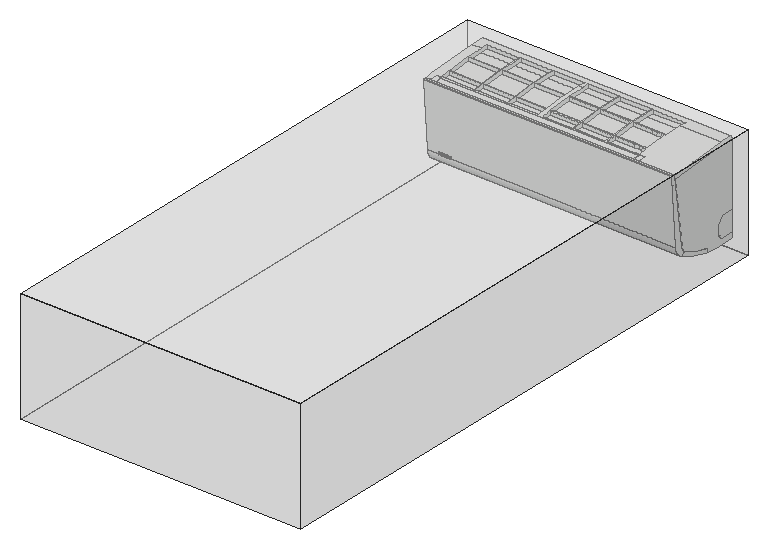
Revit family "outputfile", category 機械設備, Revit 2024 (continued)
Definition of nested family "DAIKIN_indoorunit_FTKF-CV1MF"
  Cuts and joins
    Extrusion 48, Extrusion 50 cuts Extrusion 37
    Extrusion 48, Extrusion 50 cuts Extrusion 38
    Extrusion 50 cuts Extrusion 49
    Extrusion 52, Extrusion 54 cuts Extrusion 2
    Extrusion 52, Extrusion 54 cuts Extrusion 6
    Extrusion 54 cuts Extrusion 53
    Extrusion 47 cuts Extrusion 46
  Lines and regions (mm)
    reference lines
      curve 1: line (-523, -203.827, -201.479) -> (-523, -197.847, -215.327)
      curve 2: line (-523, -218.956, -203.806) -> (-523, -217.93, -217.251)
      curve 3: line (-523, -253.284, -206.176) -> (-523, -252.024, -219.601)
  Dimensions and locks
    locked: Extrusion 9 sketch curve to Extrusion 9 sketch curve at 60
    locked: Extrusion 9 sketch curve to Extrusion 9 sketch curve at 50
    locked: Extrusion 11 sketch curve to Extrusion 11 sketch curve at 48.5
    equal spacing: plane 5, plane 3 "Center (Left/Right)", plane 4
    "Width": plane 5 to plane 4
    locked: Extrusion 8 sketch curve to plane 4 at 48
    "WALL HOLE-R": plane 5 to Extrusion 8 sketch curve
    "Height": plane 2 "reference_level" to plane 6
    locked: Extrusion 8 sketch curve to plane 6 at 45  (x2)
    Extrusion 13 to nested 2 = 36.0 mm
    locked: Extrusion 19 sketch curve to Extrusion 19 sketch curve at 60
    locked: Extrusion 20 sketch curve to Extrusion 20 sketch curve at 60
    Extrusion 21 sketch curve to Extrusion 21 sketch curve = 52.0 mm  (x2)
    Extrusion 11 sketch curve to Extrusion 11 sketch curve to plane 3 "Center (Left/Right)" = 60.0 mm locked, 286.0 mm locked
    plane 3 "Center (Left/Right)" to Extrusion 11 sketch curve to Extrusion 11 sketch curve = 259.0 mm locked, 60.0 mm locked
    Extrusion 21 sketch curve to Extrusion 21 sketch curve to plane 3 "Center (Left/Right)" to Extrusion 21 sketch curve to Extrusion 21 sketch curve = 60.0 mm, 309.0 mm, 309.0 mm, 60.0 mm
    Extrusion 42 sketch curve to plane 1 "Center (Front/Back)" = 61.8 mm
    Extrusion 42 sketch curve to Extrusion 42 sketch curve to plane 3 "Center (Left/Right)" to Extrusion 42 sketch curve to Extrusion 42 sketch curve = 73.5 mm locked, 395.5 mm locked, 395.5 mm locked, 73.5 mm locked
    aligned and locked: level to plane 2 "reference_level"
    aligned and locked: Extrusion 11 sketch curve to Extrusion 11 sketch curve  (x2)
    aligned and locked: Extrusion 8 to plane 1 "Center (Front/Back)"
    aligned and locked: nested 2 to curve 2
    aligned and locked: nested 3 to curve 3
    aligned and locked: Extrusion 42 sketch curve to Extrusion 42 sketch curve
  Automatic sketch dimensions
    Extrusion 4 sketch curve to plane 1 "Center (Front/Back)" = 0.0 mm
    plane 1 "Center (Front/Back)" to Extrusion 4 sketch curve = 2.596 mm
    plane 1 "Center (Front/Back)" to Extrusion 4 sketch curve = 22.05 mm
    Extrusion 4 sketch curve to level = 8.0 mm
    Extrusion 4 sketch curve to Extrusion 4 sketch curve = 87.469 mm
    Extrusion 4 sketch curve to Extrusion 4 sketch curve = 23.928 mm
    Extrusion 4 sketch curve to Extrusion 4 sketch curve = 26.307 mm
    Extrusion 4 sketch curve to Extrusion 4 sketch curve = 83.5 mm
    Extrusion 4 sketch curve to level = 28.539 mm
    Extrusion 4 sketch curve to Extrusion 4 sketch curve = 91.44 mm
    Extrusion 4 sketch curve to Extrusion 4 sketch curve = 12.229 mm
    Extrusion 4 sketch curve to Extrusion 4 sketch curve = 32.705 mm
    Extrusion 4 sketch curve to level = 43.491 mm
    Extrusion 4 sketch curve to Extrusion 4 sketch curve = 3.707 mm
    Extrusion 4 sketch curve to Extrusion 4 sketch curve = 52.472 mm
    Extrusion 4 sketch curve to Extrusion 4 sketch curve = 0.0 mm
    plane 1 "Center (Front/Back)" to Extrusion 5 sketch curve = 192.48 mm
    Extrusion 5 sketch curve to Extrusion 5 sketch curve = 11.872 mm
    Extrusion 5 sketch curve to Extrusion 5 sketch curve = 65.26 mm
    Extrusion 5 sketch curve to Extrusion 5 sketch curve = 0.31 mm  (x2)
    Extrusion 5 sketch curve to Extrusion 5 sketch curve = 66.449 mm
    plane 1 "Center (Front/Back)" to Extrusion 5 sketch curve = 22.36 mm
    Extrusion 5 sketch curve to level = 276.027 mm
    Extrusion 5 sketch curve to Extrusion 5 sketch curve = 10.915 mm
    Extrusion 5 sketch curve to Extrusion 5 sketch curve = 42.154 mm
    Extrusion 5 sketch curve to Extrusion 5 sketch curve = 1.37 mm
    Extrusion 5 sketch curve to Extrusion 5 sketch curve = 54.088 mm
    Extrusion 5 sketch curve to Extrusion 5 sketch curve = 0.0 mm  (x2)
    Extrusion 5 sketch curve to level = 43.491 mm
    plane 1 "Center (Front/Back)" to Extrusion 6 sketch curve = 192.48 mm
    Extrusion 6 sketch curve to Extrusion 6 sketch curve = 11.872 mm
    Extrusion 6 sketch curve to Extrusion 6 sketch curve = 65.26 mm
    Extrusion 6 sketch curve to Extrusion 6 sketch curve = 0.31 mm  (x2)
    Extrusion 6 sketch curve to Extrusion 6 sketch curve = 66.449 mm
    plane 1 "Center (Front/Back)" to Extrusion 6 sketch curve = 22.36 mm
    Extrusion 6 sketch curve to level = 276.027 mm
    Extrusion 6 sketch curve to Extrusion 6 sketch curve = 10.915 mm
    Extrusion 6 sketch curve to Extrusion 6 sketch curve = 42.154 mm
    Extrusion 6 sketch curve to Extrusion 6 sketch curve = 1.37 mm
    Extrusion 6 sketch curve to Extrusion 6 sketch curve = 54.088 mm
    Extrusion 6 sketch curve to Extrusion 6 sketch curve = 0.0 mm  (x2)
    Extrusion 6 sketch curve to level = 43.491 mm
    plane 1 "Center (Front/Back)" to Extrusion 7 sketch curve = 72.419 mm
    Extrusion 7 sketch curve to plane 3 "Center (Left/Right)" = 324.633 mm
    Extrusion 7 sketch curve to Extrusion 7 sketch curve = 0.0 mm  (x39)
    plane 1 "Center (Front/Back)" to Extrusion 7 sketch curve = 75.939 mm
    Extrusion 7 sketch curve to Extrusion 7 sketch curve = 20.633 mm  (x2)
    plane 1 "Center (Front/Back)" to Extrusion 7 sketch curve = 74.9 mm
    plane 1 "Center (Front/Back)" to Extrusion 7 sketch curve = 142.3 mm
    Extrusion 7 sketch curve to Extrusion 7 sketch curve = 24.633 mm
    Extrusion 7 sketch curve to Extrusion 7 sketch curve = 69.1 mm
    plane 1 "Center (Front/Back)" to Extrusion 7 sketch curve = 24.5 mm  (x4)
    Extrusion 7 sketch curve to Extrusion 7 sketch curve = 1.4 mm  (x23)
    Extrusion 7 sketch curve to Extrusion 7 sketch curve = 86.6 mm
    Extrusion 7 sketch curve to Extrusion 7 sketch curve = 70.6 mm
    Extrusion 7 sketch curve to Extrusion 7 sketch curve = 20.0 mm  (x4)
    plane 3 "Center (Left/Right)" to Extrusion 7 sketch curve = 36.5 mm  (x2)
    Extrusion 7 sketch curve to Extrusion 7 sketch curve = 87.0 mm
    Extrusion 7 sketch curve to Extrusion 7 sketch curve = 69.717 mm
    Extrusion 7 sketch curve to Extrusion 7 sketch curve = 1.026 mm
    Extrusion 7 sketch curve to Extrusion 7 sketch curve = 38.883 mm
    Extrusion 7 sketch curve to Extrusion 7 sketch curve = 39.104 mm
    Extrusion 7 sketch curve to Extrusion 7 sketch curve = 1.291 mm
    Extrusion 7 sketch curve to Extrusion 7 sketch curve = 1.048 mm  (x5)
    Extrusion 7 sketch curve to Extrusion 7 sketch curve = 41.2 mm
    Extrusion 7 sketch curve to Extrusion 7 sketch curve = 3.496 mm  (x2)
    Extrusion 7 sketch curve to Extrusion 7 sketch curve = 3.508 mm
    Extrusion 7 sketch curve to Extrusion 7 sketch curve = 63.904 mm
    Extrusion 7 sketch curve to Extrusion 7 sketch curve = 66.0 mm
    Extrusion 7 sketch curve to Extrusion 7 sketch curve = 3.386 mm
    Extrusion 9 sketch curve to plane 1 "Center (Front/Back)" = 0.0 mm
    Extrusion 9 sketch curve to Extrusion 9 sketch curve = 20.0 mm  (x2)
    Extrusion 9 sketch curve to level = 273.0 mm
    plane 1 "Center (Front/Back)" to Extrusion 11 sketch curve = 0.0 mm
    Extrusion 11 sketch curve to Extrusion 11 sketch curve = 18.5 mm  (x3)
    Extrusion 11 sketch curve to Extrusion 11 sketch curve = 23.0 mm
    Extrusion 12 sketch curve to level = 0.0 mm
    Extrusion 12 sketch curve to plane 1 "Center (Front/Back)" = 0.0 mm
    plane 1 "Center (Front/Back)" to Extrusion 12 sketch curve = 5.0 mm
    Extrusion 12 sketch curve to plane 1 "Center (Front/Back)" = 14.977 mm
    Extrusion 12 sketch curve to level = 9.02 mm
    Extrusion 12 sketch curve to level = 11.0 mm
    level to Extrusion 12 sketch curve = 9.314 mm
    plane 1 "Center (Front/Back)" to Extrusion 14 sketch curve = 23.5 mm  (x3)
    Extrusion 14 sketch curve to plane 3 "Center (Left/Right)" = 355.499 mm
    Extrusion 14 sketch curve to Extrusion 14 sketch curve = 0.0 mm  (x34)
    Extrusion 14 sketch curve to Extrusion 14 sketch curve = 101.5 mm
    Extrusion 14 sketch curve to Extrusion 14 sketch curve = 2.6 mm  (x8)
    Extrusion 14 sketch curve to Extrusion 14 sketch curve = 99.5 mm  (x2)
    Extrusion 14 sketch curve to plane 3 "Center (Left/Right)" = 54.549 mm
    Extrusion 14 sketch curve to Extrusion 14 sketch curve = 12.0 mm  (x7)
    plane 3 "Center (Left/Right)" to Extrusion 14 sketch curve = 52.301 mm  (x2)
    Extrusion 14 sketch curve to Extrusion 14 sketch curve = 73.2 mm  (x2)
    Extrusion 14 sketch curve to Extrusion 14 sketch curve = 2.4 mm  (x6)
    Extrusion 14 sketch curve to Extrusion 14 sketch curve = 71.0 mm  (x3)
    Extrusion 14 sketch curve to Extrusion 14 sketch curve = 1.6 mm  (x6)
    Extrusion 14 sketch curve to Extrusion 14 sketch curve = 30.0 mm  (x3)
    plane 1 "Center (Front/Back)" to Extrusion 15 sketch curve = 194.856 mm
    Extrusion 15 sketch curve to Extrusion 15 sketch curve = 9.074 mm
    Extrusion 15 sketch curve to Extrusion 15 sketch curve = 86.508 mm
    level to Extrusion 15 sketch curve = 11.72 mm
    plane 1 "Center (Front/Back)" to Extrusion 15 sketch curve = 52.895 mm
    Extrusion 15 sketch curve to Extrusion 15 sketch curve = 0.004 mm
    Extrusion 15 sketch curve to Extrusion 15 sketch curve = 0.033 mm
    Extrusion 15 sketch curve to level = 244.604 mm
    Extrusion 15 sketch curve to Extrusion 15 sketch curve = 7.382 mm
    plane 1 "Center (Front/Back)" to Extrusion 16 sketch curve = 194.856 mm
    Extrusion 16 sketch curve to Extrusion 16 sketch curve = 9.074 mm
    Extrusion 16 sketch curve to Extrusion 16 sketch curve = 86.508 mm
    level to Extrusion 16 sketch curve = 11.72 mm
    plane 1 "Center (Front/Back)" to Extrusion 16 sketch curve = 52.895 mm
    Extrusion 16 sketch curve to Extrusion 16 sketch curve = 0.004 mm
    Extrusion 16 sketch curve to level = 244.604 mm
    Extrusion 16 sketch curve to Extrusion 16 sketch curve = 7.382 mm
    Extrusion 16 sketch curve to Extrusion 16 sketch curve = 10.901 mm
    plane 1 "Center (Front/Back)" to Extrusion 17 sketch curve = 194.856 mm
    Extrusion 17 sketch curve to Extrusion 17 sketch curve = 9.074 mm
    Extrusion 17 sketch curve to Extrusion 17 sketch curve = 86.508 mm
    level to Extrusion 17 sketch curve = 11.72 mm
    plane 1 "Center (Front/Back)" to Extrusion 17 sketch curve = 52.895 mm
    Extrusion 17 sketch curve to Extrusion 17 sketch curve = 0.004 mm
    Extrusion 17 sketch curve to level = 244.604 mm
    Extrusion 17 sketch curve to Extrusion 17 sketch curve = 7.382 mm
    Extrusion 17 sketch curve to Extrusion 17 sketch curve = 10.901 mm
    Extrusion 19 sketch curve to plane 1 "Center (Front/Back)" = 0.0 mm
    Extrusion 19 sketch curve to Extrusion 19 sketch curve = 32.8 mm
    plane 1 "Center (Front/Back)" to Extrusion 19 sketch curve = 32.8 mm
    Extrusion 19 sketch curve to Extrusion 19 sketch curve = 19.2 mm
    Extrusion 19 sketch curve to level = 269.6 mm
    Extrusion 20 sketch curve to plane 1 "Center (Front/Back)" = 0.0 mm
    Extrusion 20 sketch curve to Extrusion 20 sketch curve = 32.8 mm  (x2)
    Extrusion 20 sketch curve to Extrusion 20 sketch curve = 19.2 mm
    Extrusion 20 sketch curve to level = 269.6 mm
    plane 1 "Center (Front/Back)" to Extrusion 21 sketch curve = 0.0 mm  (x2)
    Extrusion 21 sketch curve to Extrusion 21 sketch curve = 20.0 mm  (x4)
    Extrusion 22 sketch curve to plane 3 "Center (Left/Right)" = 339.0 mm
    plane 3 "Center (Left/Right)" to Extrusion 22 sketch curve = 231.0 mm
    plane 1 "Center (Front/Back)" to Extrusion 22 sketch curve = 202.769 mm
    Extrusion 22 sketch curve to Extrusion 22 sketch curve = 17.012 mm
    Extrusion 23 sketch curve to plane 3 "Center (Left/Right)" = 339.0 mm
    Extrusion 23 sketch curve to Extrusion 23 sketch curve = 15.0 mm  (x2)
    plane 3 "Center (Left/Right)" to Extrusion 23 sketch curve = 216.0 mm
    plane 1 "Center (Front/Back)" to Extrusion 23 sketch curve = 202.757 mm  (x2)
    Extrusion 23 sketch curve to Extrusion 23 sketch curve = 17.0 mm  (x2)
    Extrusion 24 sketch curve to plane 3 "Center (Left/Right)" = 324.0 mm
    Extrusion 24 sketch curve to Extrusion 24 sketch curve = 43.629 mm
    Extrusion 24 sketch curve to Extrusion 24 sketch curve = 1.5 mm  (x9)
    Extrusion 24 sketch curve to Extrusion 24 sketch curve = 21.542 mm  (x3)
    Extrusion 24 sketch curve to plane 3 "Center (Left/Right)" = 123.621 mm
    Extrusion 24 sketch curve to plane 3 "Center (Left/Right)" = 9.121 mm
    plane 3 "Center (Left/Right)" to Extrusion 24 sketch curve = 13.921 mm
    Extrusion 24 sketch curve to Extrusion 24 sketch curve = 132.208 mm
    Extrusion 24 sketch curve to Extrusion 24 sketch curve = 43.829 mm
    plane 1 "Center (Front/Back)" to Extrusion 24 sketch curve = 202.757 mm
    plane 1 "Center (Front/Back)" to Extrusion 24 sketch curve = 195.757 mm
    Extrusion 24 sketch curve to Extrusion 24 sketch curve = 7.0 mm  (x2)
    Extrusion 24 sketch curve to Extrusion 24 sketch curve = 3.5 mm  (x4)
    Extrusion 24 sketch curve to Extrusion 24 sketch curve = 12.0 mm
    Extrusion 26 sketch curve to plane 3 "Center (Left/Right)" = 373.412 mm
    Extrusion 26 sketch curve to Extrusion 26 sketch curve = 1.011 mm
    Extrusion 26 sketch curve to Extrusion 26 sketch curve = 15.228 mm
    Extrusion 26 sketch curve to Extrusion 26 sketch curve = 0.132 mm
    plane 3 "Center (Left/Right)" to Extrusion 26 sketch curve = 259.015 mm
    Extrusion 26 sketch curve to Extrusion 26 sketch curve = 0.133 mm
    Extrusion 26 sketch curve to Extrusion 26 sketch curve = 15.197 mm
    Extrusion 26 sketch curve to Extrusion 26 sketch curve = 16.358 mm
    plane 1 "Center (Front/Back)" to Extrusion 26 sketch curve = 238.673 mm
    Extrusion 26 sketch curve to Extrusion 26 sketch curve = 34.983 mm
    Extrusion 26 sketch curve to Extrusion 26 sketch curve = 3.79 mm  (x2)
    plane 3 "Center (Left/Right)" to Extrusion 26 sketch curve = 247.689 mm
    plane 1 "Center (Front/Back)" to Extrusion 26 sketch curve = 58.091 mm
    Extrusion 27 sketch curve to plane 3 "Center (Left/Right)" = 373.099 mm
    Extrusion 27 sketch curve to Extrusion 27 sketch curve = 0.698 mm
    Extrusion 27 sketch curve to Extrusion 27 sketch curve = 15.228 mm
    Extrusion 27 sketch curve to Extrusion 27 sketch curve = 0.132 mm
    Extrusion 27 sketch curve to Extrusion 27 sketch curve = 1.99 mm
    plane 3 "Center (Left/Right)" to Extrusion 27 sketch curve = 257.001 mm
    Extrusion 27 sketch curve to Extrusion 27 sketch curve = 2.014 mm
    Extrusion 27 sketch curve to Extrusion 27 sketch curve = 0.133 mm
    Extrusion 27 sketch curve to Extrusion 27 sketch curve = 15.196 mm
    Extrusion 27 sketch curve to Extrusion 27 sketch curve = 18.053 mm
    plane 1 "Center (Front/Back)" to Extrusion 27 sketch curve = 226.673 mm  (x2)
    Extrusion 27 sketch curve to Extrusion 27 sketch curve = 22.983 mm  (x2)
    Extrusion 27 sketch curve to Extrusion 27 sketch curve = 3.79 mm  (x2)
    Extrusion 28 sketch curve to plane 3 "Center (Left/Right)" = 355.05 mm
    plane 3 "Center (Left/Right)" to Extrusion 28 sketch curve = 257.001 mm
    plane 1 "Center (Front/Back)" to Extrusion 28 sketch curve = 226.673 mm
    Extrusion 28 sketch curve to Extrusion 28 sketch curve = 22.983 mm
    Extrusion 29 sketch curve to level = 0.0 mm
    Extrusion 29 sketch curve to level = 30.0 mm
    plane 1 "Center (Front/Back)" to Extrusion 29 sketch curve = 238.673 mm
    Extrusion 29 sketch curve to Extrusion 29 sketch curve = 38.773 mm
    Extrusion 29 sketch curve to Extrusion 29 sketch curve = 0.0 mm  (x2)
    plane 1 "Center (Front/Back)" to Extrusion 29 sketch curve = 45.84 mm
    Extrusion 29 sketch curve to plane 1 "Center (Front/Back)" = 14.977 mm
    Extrusion 29 sketch curve to Extrusion 29 sketch curve = 994.66 mm
    Extrusion 29 sketch curve to Extrusion 29 sketch curve = 0.163 mm
    Extrusion 29 sketch curve to Extrusion 29 sketch curve = 7.224 mm
    Extrusion 29 sketch curve to level = 11.646 mm
    level to Extrusion 29 sketch curve = 9.314 mm
    Extrusion 29 sketch curve to Extrusion 29 sketch curve = 13.398 mm
    Extrusion 30 sketch curve to Extrusion 30 sketch curve = 0.0 mm  (x2)
    plane 1 "Center (Front/Back)" to Extrusion 30 sketch curve = 189.887 mm
    Extrusion 30 sketch curve to Extrusion 30 sketch curve = 11.307 mm
    Extrusion 30 sketch curve to Extrusion 30 sketch curve = 46.464 mm
    Extrusion 30 sketch curve to Extrusion 30 sketch curve = 21.724 mm
    Extrusion 30 sketch curve to level = 277.1 mm
    Extrusion 30 sketch curve to Extrusion 30 sketch curve = 22.499 mm
    Extrusion 31 sketch curve to Extrusion 31 sketch curve = 0.0 mm  (x2)
    plane 1 "Center (Front/Back)" to Extrusion 31 sketch curve = 189.887 mm
    Extrusion 31 sketch curve to Extrusion 31 sketch curve = 11.307 mm
    Extrusion 31 sketch curve to Extrusion 31 sketch curve = 46.464 mm
    Extrusion 31 sketch curve to Extrusion 31 sketch curve = 21.724 mm
    Extrusion 31 sketch curve to level = 277.1 mm
    Extrusion 31 sketch curve to Extrusion 31 sketch curve = 22.499 mm
    Extrusion 32 sketch curve to Extrusion 32 sketch curve = 0.0 mm  (x2)
    plane 1 "Center (Front/Back)" to Extrusion 32 sketch curve = 185.929 mm
    Extrusion 32 sketch curve to Extrusion 32 sketch curve = 6.899 mm
    Extrusion 32 sketch curve to Extrusion 32 sketch curve = 9.219 mm
    Extrusion 32 sketch curve to Extrusion 32 sketch curve = 7.915 mm
    Extrusion 32 sketch curve to level = 264.005 mm
    Extrusion 32 sketch curve to Extrusion 32 sketch curve = 7.405 mm
    Extrusion 33 sketch curve to Extrusion 33 sketch curve = 0.0 mm  (x2)
    plane 1 "Center (Front/Back)" to Extrusion 33 sketch curve = 185.929 mm
    Extrusion 33 sketch curve to Extrusion 33 sketch curve = 6.899 mm
    Extrusion 33 sketch curve to Extrusion 33 sketch curve = 9.219 mm
    Extrusion 33 sketch curve to Extrusion 33 sketch curve = 7.915 mm
    Extrusion 33 sketch curve to level = 264.005 mm
    Extrusion 33 sketch curve to Extrusion 33 sketch curve = 7.405 mm
    plane 1 "Center (Front/Back)" to Extrusion 36 sketch curve = 233.849 mm
    Extrusion 36 sketch curve to Extrusion 36 sketch curve = 11.574 mm
    Extrusion 36 sketch curve to Extrusion 36 sketch curve = 106.825 mm
    Extrusion 36 sketch curve to Extrusion 36 sketch curve = 0.0 mm
    level to Extrusion 36 sketch curve = 3.941 mm
    plane 1 "Center (Front/Back)" to Extrusion 36 sketch curve = 90.201 mm
    Extrusion 36 sketch curve to Extrusion 36 sketch curve = 0.002 mm
    Extrusion 36 sketch curve to Extrusion 36 sketch curve = 0.776 mm
    Extrusion 36 sketch curve to level = 250.06 mm
    Extrusion 36 sketch curve to Extrusion 36 sketch curve = 9.301 mm
    Extrusion 36 sketch curve to Extrusion 36 sketch curve = 31.169 mm
    Extrusion 36 sketch curve to Extrusion 36 sketch curve = 13.702 mm
    Extrusion 36 sketch curve to Extrusion 36 sketch curve = 27.641 mm
    plane 1 "Center (Front/Back)" to Extrusion 37 sketch curve = 233.849 mm
    Extrusion 37 sketch curve to Extrusion 37 sketch curve = 11.574 mm
    Extrusion 37 sketch curve to Extrusion 37 sketch curve = 106.825 mm
    Extrusion 37 sketch curve to Extrusion 37 sketch curve = 0.0 mm
    level to Extrusion 37 sketch curve = 3.941 mm
    plane 1 "Center (Front/Back)" to Extrusion 37 sketch curve = 90.201 mm
    Extrusion 37 sketch curve to Extrusion 37 sketch curve = 0.002 mm
    Extrusion 37 sketch curve to Extrusion 37 sketch curve = 0.776 mm
    Extrusion 37 sketch curve to level = 250.06 mm
    Extrusion 37 sketch curve to Extrusion 37 sketch curve = 9.301 mm
    Extrusion 37 sketch curve to Extrusion 37 sketch curve = 31.169 mm
    Extrusion 37 sketch curve to Extrusion 37 sketch curve = 13.702 mm
    Extrusion 37 sketch curve to Extrusion 37 sketch curve = 27.641 mm
    plane 1 "Center (Front/Back)" to Extrusion 38 sketch curve = 233.849 mm
    Extrusion 38 sketch curve to Extrusion 38 sketch curve = 11.574 mm
    Extrusion 38 sketch curve to Extrusion 38 sketch curve = 106.825 mm
    Extrusion 38 sketch curve to Extrusion 38 sketch curve = 0.0 mm
    level to Extrusion 38 sketch curve = 3.941 mm
    plane 1 "Center (Front/Back)" to Extrusion 38 sketch curve = 90.201 mm
    Extrusion 38 sketch curve to Extrusion 38 sketch curve = 0.002 mm
    Extrusion 38 sketch curve to Extrusion 38 sketch curve = 0.776 mm
    Extrusion 38 sketch curve to level = 250.06 mm
    Extrusion 38 sketch curve to Extrusion 38 sketch curve = 9.301 mm
    Extrusion 38 sketch curve to Extrusion 38 sketch curve = 31.169 mm
    Extrusion 38 sketch curve to Extrusion 38 sketch curve = 13.702 mm
    Extrusion 38 sketch curve to Extrusion 38 sketch curve = 27.641 mm
    Extrusion 40 sketch curve to plane 1 "Center (Front/Back)" = 0.0 mm
    plane 1 "Center (Front/Back)" to Extrusion 40 sketch curve = 41.8 mm
    Extrusion 40 sketch curve to Extrusion 40 sketch curve = 0.0 mm  (x2)
    Extrusion 40 sketch curve to Extrusion 40 sketch curve = 20.0 mm
    Extrusion 40 sketch curve to level = 275.5 mm
    Extrusion 40 sketch curve to Extrusion 40 sketch curve = 33.5 mm
    Extrusion 41 sketch curve to plane 1 "Center (Front/Back)" = 0.0 mm
    plane 1 "Center (Front/Back)" to Extrusion 41 sketch curve = 41.8 mm
    Extrusion 41 sketch curve to Extrusion 41 sketch curve = 0.0 mm
    Extrusion 41 sketch curve to Extrusion 41 sketch curve = 20.0 mm
    Extrusion 41 sketch curve to level = 202.0 mm
    Extrusion 41 sketch curve to Extrusion 41 sketch curve = 33.5 mm
    plane 1 "Center (Front/Back)" to Extrusion 42 sketch curve = 0.0 mm  (x2)
    Extrusion 42 sketch curve to Extrusion 42 sketch curve = 20.0 mm  (x4)
    plane 3 "Center (Left/Right)" to Extrusion 44 sketch curve = 380.0 mm
    Extrusion 46 sketch curve to plane 3 "Center (Left/Right)" = 466.5 mm
    plane 3 "Center (Left/Right)" to Extrusion 46 sketch curve = 366.0 mm
    plane 1 "Center (Front/Back)" to Extrusion 46 sketch curve = 264.436 mm
    Extrusion 46 sketch curve to Extrusion 46 sketch curve = 25.436 mm
    Extrusion 47 sketch curve to level = 33.272 mm
    Extrusion 47 sketch curve to level = 22.853 mm
    level to Extrusion 47 sketch curve = 5.0 mm
    Extrusion 48 sketch curve to Extrusion 48 sketch curve = 20.148 mm
    Extrusion 48 sketch curve to Extrusion 48 sketch curve = 44.745 mm
    Extrusion 48 sketch curve to Extrusion 48 sketch curve = 22.502 mm
    level to Extrusion 48 sketch curve = 6.546 mm
    plane 1 "Center (Front/Back)" to Extrusion 48 sketch curve = 89.423 mm
    Extrusion 48 sketch curve to Extrusion 48 sketch curve = 0.0 mm  (x2)
    Extrusion 48 sketch curve to Extrusion 48 sketch curve = 11.127 mm
    Extrusion 49 sketch curve to Extrusion 49 sketch curve = 0.0 mm  (x2)
    level to Extrusion 49 sketch curve = 6.546 mm
    plane 1 "Center (Front/Back)" to Extrusion 49 sketch curve = 89.423 mm
    Extrusion 49 sketch curve to level = 261.498 mm
    Extrusion 49 sketch curve to Extrusion 49 sketch curve = 11.127 mm
    Extrusion 49 sketch curve to Extrusion 49 sketch curve = 64.893 mm
    Extrusion 49 sketch curve to Extrusion 49 sketch curve = 20.148 mm
    Extrusion 50 sketch curve to Extrusion 50 sketch curve = 8.97 mm
    Extrusion 50 sketch curve to Extrusion 50 sketch curve = 7.404 mm
    level to Extrusion 50 sketch curve = 6.546 mm
    Extrusion 50 sketch curve to Extrusion 50 sketch curve = 6.785 mm
    Extrusion 50 sketch curve to Extrusion 50 sketch curve = 7.726 mm
    Extrusion 50 sketch curve to Extrusion 50 sketch curve = 0.0 mm  (x2)
    plane 1 "Center (Front/Back)" to Extrusion 50 sketch curve = 89.423 mm
    Extrusion 51 sketch curve to Extrusion 51 sketch curve = 0.0 mm  (x2)
    level to Extrusion 51 sketch curve = 6.546 mm
    plane 1 "Center (Front/Back)" to Extrusion 51 sketch curve = 89.423 mm
    Extrusion 51 sketch curve to level = 263.5 mm
    Extrusion 51 sketch curve to Extrusion 51 sketch curve = 6.785 mm
    Extrusion 51 sketch curve to Extrusion 51 sketch curve = 16.697 mm
    Extrusion 51 sketch curve to Extrusion 51 sketch curve = 7.726 mm
    Extrusion 10 sketch curve to plane 1 "Center (Front/Back)" = 0.0 mm
    plane 1 "Center (Front/Back)" to Extrusion 10 sketch curve = 30.0 mm
    Extrusion 10 sketch curve to Extrusion 10 sketch curve = 0.0 mm
    Extrusion 10 sketch curve to Extrusion 10 sketch curve = 20.0 mm  (x2)
    Extrusion 10 sketch curve to level = 273.0 mm
    Extrusion 3 sketch curve to level = 13.692 mm
    plane 1 "Center (Front/Back)" to Extrusion 3 sketch curve = 211.618 mm
    Extrusion 3 sketch curve to Extrusion 3 sketch curve = 0.618 mm
    Extrusion 3 sketch curve to Extrusion 3 sketch curve = 1.902 mm
    Extrusion 3 sketch curve to Extrusion 3 sketch curve = 2.0 mm
    Extrusion 3 sketch curve to level = 10.816 mm
    Extrusion 3 sketch curve to Extrusion 3 sketch curve = 8.849 mm
    Extrusion 3 sketch curve to Extrusion 3 sketch curve = 2.652 mm
    Extrusion 3 sketch curve to Extrusion 3 sketch curve = 151.871 mm
    Extrusion 3 sketch curve to Extrusion 3 sketch curve = 95.0 mm
    Extrusion 3 sketch curve to Extrusion 3 sketch curve = 10.31 mm
    Extrusion 3 sketch curve to Extrusion 3 sketch curve = 6.572 mm
    Extrusion 3 sketch curve to Extrusion 3 sketch curve = 0.097 mm
    Extrusion 3 sketch curve to Extrusion 3 sketch curve = 0.31 mm
    Extrusion 3 sketch curve to Extrusion 3 sketch curve = 11.812 mm
    plane 1 "Center (Front/Back)" to Extrusion 2 sketch curve = 115.348 mm
    plane 1 "Center (Front/Back)" to Extrusion 2 sketch curve = 22.36 mm
    Extrusion 2 sketch curve to level = 167.5 mm
    Extrusion 2 sketch curve to level = 43.491 mm
    Extrusion 2 sketch curve to Extrusion 2 sketch curve = 1.189 mm
    Extrusion 2 sketch curve to Extrusion 2 sketch curve = 58.182 mm
    Extrusion 2 sketch curve to Extrusion 2 sketch curve = 0.0 mm  (x4)
    Extrusion 2 sketch curve to Extrusion 2 sketch curve = 20.14 mm
    Extrusion 2 sketch curve to Extrusion 2 sketch curve = 0.31 mm  (x2)
    Extrusion 2 sketch curve to Extrusion 2 sketch curve = 11.872 mm
    Extrusion 2 sketch curve to Extrusion 2 sketch curve = 6.31 mm
    Extrusion 52 sketch curve to Extrusion 52 sketch curve = 0.0 mm  (x5)
    Extrusion 52 sketch curve to Extrusion 52 sketch curve = 52.75 mm
    plane 1 "Center (Front/Back)" to Extrusion 52 sketch curve = 22.36 mm
    Extrusion 52 sketch curve to Extrusion 52 sketch curve = 35.994 mm
    Extrusion 52 sketch curve to Extrusion 52 sketch curve = 64.506 mm
    Extrusion 52 sketch curve to level = 43.491 mm
    Extrusion 52 sketch curve to Extrusion 52 sketch curve = 6.981 mm
    Extrusion 52 sketch curve to Extrusion 52 sketch curve = 5.769 mm
    Extrusion 52 sketch curve to Extrusion 52 sketch curve = 3.0 mm
    Extrusion 52 sketch curve to Extrusion 52 sketch curve = 11.895 mm
    plane 1 "Center (Front/Back)" to Extrusion 53 sketch curve = 22.36 mm
    Extrusion 53 sketch curve to level = 43.491 mm
    Extrusion 53 sketch curve to Extrusion 53 sketch curve = 5.097 mm
    Extrusion 53 sketch curve to Extrusion 53 sketch curve = 48.896 mm
    Extrusion 53 sketch curve to Extrusion 53 sketch curve = 0.0 mm  (x6)
    Extrusion 53 sketch curve to Extrusion 53 sketch curve = 8.769 mm
    Extrusion 53 sketch curve to Extrusion 53 sketch curve = 11.895 mm
    Extrusion 53 sketch curve to Extrusion 53 sketch curve = 6.981 mm
    Extrusion 53 sketch curve to Extrusion 53 sketch curve = 3.0 mm
    Extrusion 54 sketch curve to Extrusion 54 sketch curve = 0.0 mm  (x6)
    Extrusion 54 sketch curve to Extrusion 54 sketch curve = 9.206 mm
    Extrusion 54 sketch curve to Extrusion 54 sketch curve = 61.422 mm
    plane 1 "Center (Front/Back)" to Extrusion 54 sketch curve = 22.36 mm
    Extrusion 54 sketch curve to Extrusion 54 sketch curve = 11.007 mm
    Extrusion 54 sketch curve to level = 43.491 mm
    Extrusion 54 sketch curve to Extrusion 54 sketch curve = 4.409 mm
    Extrusion 54 sketch curve to Extrusion 54 sketch curve = 1.8 mm
    Extrusion 54 sketch curve to Extrusion 54 sketch curve = 5.228 mm
    Extrusion 55 sketch curve to Extrusion 55 sketch curve = 61.422 mm
    Extrusion 55 sketch curve to level = 235.993 mm
    Extrusion 55 sketch curve to Extrusion 55 sketch curve = 4.409 mm
    Extrusion 55 sketch curve to Extrusion 55 sketch curve = 6.229 mm
    plane 1 "Center (Front/Back)" to Extrusion 55 sketch curve = 22.36 mm
    Extrusion 55 sketch curve to Extrusion 55 sketch curve = 0.0 mm  (x6)
    Extrusion 55 sketch curve to Extrusion 55 sketch curve = 8.205 mm
    Extrusion 55 sketch curve to Extrusion 55 sketch curve = 5.228 mm
    Extrusion 55 sketch curve to Extrusion 55 sketch curve = 1.8 mm
    Extrusion 25 sketch curve to Extrusion 25 sketch curve = 0.0 mm  (x4)
    Extrusion 25 sketch curve to level = 0.0 mm
    Extrusion 25 sketch curve to level = 35.0 mm
    plane 1 "Center (Front/Back)" to Extrusion 25 sketch curve = 205.202 mm
    Extrusion 25 sketch curve to Extrusion 25 sketch curve = 19.445 mm
    plane 1 "Center (Front/Back)" to Extrusion 25 sketch curve = 104.232 mm
    Extrusion 25 sketch curve to Extrusion 25 sketch curve = 209.941 mm
    Extrusion 25 sketch curve to Extrusion 25 sketch curve = 4.474 mm
    Extrusion 25 sketch curve to Extrusion 25 sketch curve = 8.811 mm
    Extrusion 12 sketch curve to Extrusion 12 sketch curve = 1.396 mm
    plane 1 "Center (Front/Back)" to Extrusion 12 sketch curve = 45.84 mm
    Extrusion 12 sketch curve to Extrusion 12 sketch curve = 0.0 mm
    Extrusion 12 sketch curve to Extrusion 12 sketch curve = 0.163 mm
    Extrusion 12 sketch curve to level = 26.758 mm
    Extrusion 18 sketch curve to plane 1 "Center (Front/Back)" = 0.0 mm
    level to Extrusion 18 sketch curve = 4.099 mm
    Extrusion 18 sketch curve to Extrusion 18 sketch curve = 0.857 mm
    Extrusion 18 sketch curve to Extrusion 18 sketch curve = 6.16 mm
    Extrusion 18 sketch curve to Extrusion 18 sketch curve = 46.473 mm
    Extrusion 18 sketch curve to Extrusion 18 sketch curve = 0.052 mm
    Extrusion 18 sketch curve to Extrusion 18 sketch curve = 69.066 mm
    Extrusion 18 sketch curve to Extrusion 18 sketch curve = 29.316 mm
    Extrusion 18 sketch curve to level = 26.762 mm
    Extrusion 18 sketch curve to Extrusion 18 sketch curve = 178.061 mm
    Extrusion 18 sketch curve to Extrusion 18 sketch curve = 4.015 mm
    Extrusion 18 sketch curve to Extrusion 18 sketch curve = 52.325 mm
    Extrusion 18 sketch curve to Extrusion 18 sketch curve = 11.703 mm
    Extrusion 18 sketch curve to Extrusion 18 sketch curve = 3.729 mm
    Extrusion 18 sketch curve to Extrusion 18 sketch curve = 7.779 mm
    Extrusion 18 sketch curve to level = 11.0 mm
    plane 1 "Center (Front/Back)" to Extrusion 18 sketch curve = 45.84 mm
    Extrusion 13 sketch curve to level = 15.416 mm
    plane 1 "Center (Front/Back)" to Extrusion 13 sketch curve = 197.648 mm
    Extrusion 13 sketch curve to Extrusion 13 sketch curve = 21.851 mm
    Extrusion 13 sketch curve to Extrusion 13 sketch curve = 8.255 mm
    plane 1 "Center (Front/Back)" to Extrusion 13 sketch curve = 46.245 mm
    Extrusion 13 sketch curve to Extrusion 13 sketch curve = 6.169 mm
    Extrusion 13 sketch curve to Extrusion 13 sketch curve = 10.292 mm
    Extrusion 13 sketch curve to Extrusion 13 sketch curve = 0.363 mm
    Extrusion 13 sketch curve to Extrusion 13 sketch curve = 1.994 mm
    Extrusion 13 sketch curve to Extrusion 13 sketch curve = 5.69 mm
    Extrusion 13 sketch curve to Extrusion 13 sketch curve = 20.433 mm
    Extrusion 13 sketch curve to Extrusion 13 sketch curve = 0.0 mm  (x3)
    Extrusion 13 sketch curve to Extrusion 13 sketch curve = 1.84 mm
    Extrusion 13 sketch curve to Extrusion 13 sketch curve = 9.251 mm
    Extrusion 13 sketch curve to Extrusion 13 sketch curve = 6.958 mm
    Extrusion 13 sketch curve to Extrusion 13 sketch curve = 0.157 mm
    Extrusion 13 sketch curve to level = 12.416 mm
    Extrusion 13 sketch curve to Extrusion 13 sketch curve = 201.658 mm
    Extrusion 34 sketch curve to plane 1 "Center (Front/Back)" = 0.0 mm
    Extrusion 34 sketch curve to level = 9.411 mm
    level to Extrusion 34 sketch curve = 0.0 mm
    plane 1 "Center (Front/Back)" to Extrusion 34 sketch curve = 5.217 mm
    Extrusion 34 sketch curve to Extrusion 34 sketch curve = 1.455 mm
    Extrusion 34 sketch curve to level = 10.748 mm
    Extrusion 34 sketch curve to Extrusion 34 sketch curve = 76.023 mm
    Extrusion 34 sketch curve to Extrusion 34 sketch curve = 0.06 mm
    Extrusion 34 sketch curve to level = 288.701 mm
    Extrusion 34 sketch curve to level = 18.596 mm
    Extrusion 34 sketch curve to Extrusion 34 sketch curve = 1.224 mm
    Extrusion 34 sketch curve to Extrusion 34 sketch curve = 3.693 mm
    Extrusion 34 sketch curve to level = 29.099 mm
    Extrusion 34 sketch curve to Extrusion 34 sketch curve = 1.436 mm
    Extrusion 35 sketch curve to plane 1 "Center (Front/Back)" = 0.0 mm
    plane 1 "Center (Front/Back)" to Extrusion 35 sketch curve = 61.8 mm
    Extrusion 35 sketch curve to level = 11.0 mm
    plane 1 "Center (Front/Back)" to Extrusion 35 sketch curve = 61.32 mm
    Extrusion 35 sketch curve to Extrusion 35 sketch curve = 52.85 mm
    Extrusion 35 sketch curve to Extrusion 35 sketch curve = 286.0 mm
    Extrusion 35 sketch curve to Extrusion 35 sketch curve = 2.004 mm
    Extrusion 35 sketch curve to Extrusion 35 sketch curve = 14.501 mm
    plane 1 "Center (Front/Back)" to Extrusion 35 sketch curve = 82.524 mm
    Extrusion 35 sketch curve to level = 29.099 mm
    Extrusion 35 sketch curve to level = 222.656 mm
    Extrusion 35 sketch curve to Extrusion 35 sketch curve = 43.948 mm
    Extrusion 35 sketch curve to Extrusion 35 sketch curve = 6.011 mm
    Extrusion 35 sketch curve to Extrusion 35 sketch curve = 14.16 mm
    level to Extrusion 35 sketch curve = 3.956 mm
    Extrusion 35 sketch curve to Extrusion 35 sketch curve = 28.88 mm
    Extrusion 35 sketch curve to Extrusion 35 sketch curve = 602.782 mm
    plane 1 "Center (Front/Back)" to Extrusion 39 sketch curve = 234.424 mm
    level to Extrusion 39 sketch curve = 23.59 mm
    plane 1 "Center (Front/Back)" to Extrusion 39 sketch curve = 83.906 mm
    Extrusion 39 sketch curve to level = 258.8 mm
    Extrusion 39 sketch curve to Extrusion 39 sketch curve = 14.508 mm
    Extrusion 39 sketch curve to Extrusion 39 sketch curve = 11.757 mm
    Extrusion 39 sketch curve to Extrusion 39 sketch curve = 9.554 mm
    Extrusion 39 sketch curve to Extrusion 39 sketch curve = 13.936 mm
    Extrusion 39 sketch curve to Extrusion 39 sketch curve = 26.899 mm
    Extrusion 39 sketch curve to Extrusion 39 sketch curve = 6.12 mm
    Extrusion 39 sketch curve to level = 18.854 mm
    Extrusion 39 sketch curve to level = 21.943 mm
    Extrusion 39 sketch curve to Extrusion 39 sketch curve = 7.064 mm
    plane 1 "Center (Front/Back)" to Extrusion 39 sketch curve = 81.184 mm
    Extrusion 39 sketch curve to Extrusion 39 sketch curve = 3.033 mm
    Extrusion 39 sketch curve to Extrusion 39 sketch curve = 0.318 mm
    Extrusion 39 sketch curve to Extrusion 39 sketch curve = 0.0 mm
    Extrusion 39 sketch curve to Extrusion 39 sketch curve = 1.499 mm
    curve 3 to level = 219.601 mm
    plane 1 "Center (Front/Back)" to curve 1 = 197.847 mm
    curve 3 to curve 2 = 2.35 mm
    curve 2 to curve 1 = 1.924 mm
    curve 3 to curve 3 = 13.425 mm
    curve 2 to curve 2 = 13.445 mm
    curve 1 to curve 1 = 13.848 mm
    curve 1 to curve 1 = 5.98 mm
    curve 1 to curve 2 = 20.083 mm
    curve 2 to curve 2 = 1.025 mm
    curve 2 to curve 3 = 34.094 mm
    curve 3 to curve 3 = 1.26 mm
    plane 1 "Center (Front/Back)" to Extrusion 43 sketch curve = 23.5 mm  (x4)
    Extrusion 43 sketch curve to plane 3 "Center (Left/Right)" = 465.5 mm
    Extrusion 43 sketch curve to Extrusion 43 sketch curve = 0.0 mm  (x44)
    Extrusion 43 sketch curve to Extrusion 43 sketch curve = 104.0 mm
    Extrusion 43 sketch curve to Extrusion 43 sketch curve = 2.5 mm  (x21)
    Extrusion 43 sketch curve to Extrusion 43 sketch curve = 101.0 mm  (x4)
    Extrusion 43 sketch curve to plane 3 "Center (Left/Right)" = 51.0 mm
    plane 3 "Center (Left/Right)" to Extrusion 43 sketch curve = 52.5 mm
    Extrusion 43 sketch curve to Extrusion 43 sketch curve = 57.7 mm
    Extrusion 43 sketch curve to Extrusion 43 sketch curve = 16.8 mm  (x3)
    Extrusion 43 sketch curve to Extrusion 43 sketch curve = 17.25 mm  (x3)
    Extrusion 43 sketch curve to Extrusion 43 sketch curve = 12.25 mm  (x2)
    Extrusion 43 sketch curve to Extrusion 43 sketch curve = 89.0 mm  (x3)
    Extrusion 43 sketch curve to Extrusion 43 sketch curve = 3.0 mm  (x11)
    Extrusion 43 sketch curve to Extrusion 43 sketch curve = 77.2 mm  (x4)
    Extrusion 43 sketch curve to Extrusion 43 sketch curve = 41.1 mm  (x4)
    Extrusion 45 sketch curve to plane 3 "Center (Left/Right)" = 482.5 mm
    Extrusion 45 sketch curve to Extrusion 45 sketch curve = 2.0 mm
    plane 1 "Center (Front/Back)" to Extrusion 45 sketch curve = 254.0 mm
    Extrusion 45 sketch curve to Extrusion 45 sketch curve = 15.0 mm  (x2)
    Extrusion 45 sketch curve to Extrusion 45 sketch curve = 14.0 mm
    Extrusion 45 sketch curve to Extrusion 45 sketch curve = 11.0 mm  (x2)
    plane 3 "Center (Left/Right)" to Extrusion 45 sketch curve = 367.0 mm
    Extrusion 45 sketch curve to Extrusion 45 sketch curve = 17.5 mm
    Extrusion 45 sketch curve to Extrusion 45 sketch curve = 4.5 mm
    plane 1 "Center (Front/Back)" to Extrusion 45 sketch curve = 265.0 mm
    Extrusion 44 sketch curve to Extrusion 44 sketch curve = 4.5 mm
    Extrusion 44 sketch curve to Extrusion 44 sketch curve = 10.436 mm  (x2)
    Extrusion 44 sketch curve to plane 3 "Center (Left/Right)" = 480.5 mm
    plane 1 "Center (Front/Back)" to Extrusion 44 sketch curve = 264.436 mm
    Extrusion 44 sketch curve to Extrusion 44 sketch curve = 2.0 mm
    Extrusion 44 sketch curve to Extrusion 44 sketch curve = 15.0 mm
    Extrusion 47 sketch curve to Extrusion 47 sketch curve = 39.736 mm
    Extrusion 47 sketch curve to Extrusion 47 sketch curve = 0.0 mm
    Extrusion 47 sketch curve to Extrusion 47 sketch curve = 10.742 mm
    plane 1 "Center (Front/Back)" to Extrusion 47 sketch curve = 81.299 mm
    Extrusion 47 sketch curve to Extrusion 47 sketch curve = 4.812 mm
    Extrusion 47 sketch curve to level = 29.099 mm
    Extrusion 47 sketch curve to Extrusion 47 sketch curve = 6.248 mm
    Extrusion 47 sketch curve to Extrusion 47 sketch curve = 1.224 mm
    Extrusion 47 sketch curve to Extrusion 47 sketch curve = 3.693 mm
    Extrusion 47 sketch curve to Extrusion 47 sketch curve = 10.502 mm
    plane 1 "Center (Front/Back)" to Extrusion 7 sketch curve = 72.431 mm
    Extrusion 7 sketch curve to Extrusion 7 sketch curve = 20.4 mm
    Extrusion 7 sketch curve to Extrusion 7 sketch curve = 17.5 mm  (x2)
    Extrusion 7 sketch curve to Extrusion 7 sketch curve = 0.877 mm
    Extrusion 7 sketch curve to Extrusion 7 sketch curve = 2.9 mm
    Extrusion 7 sketch curve to Extrusion 7 sketch curve = 17.663 mm
    Extrusion 7 sketch curve to Extrusion 7 sketch curve = 0.917 mm
    Extrusion 7 sketch curve to Extrusion 7 sketch curve = 69.3 mm
    Extrusion 7 sketch curve to Extrusion 7 sketch curve = 3.234 mm
    Extrusion 7 sketch curve to Extrusion 7 sketch curve = 64.166 mm
    Extrusion 14 sketch curve to Extrusion 14 sketch curve = 62.5 mm  (x2)
    Extrusion 14 sketch curve to Extrusion 14 sketch curve = 27.0 mm
    Extrusion 14 sketch curve to Extrusion 14 sketch curve = 15.0 mm
    Extrusion 14 sketch curve to Extrusion 14 sketch curve = 102.6 mm
    Extrusion 14 sketch curve to Extrusion 14 sketch curve = 18.0 mm  (x3)
    Extrusion 1 sketch curve to level = 0.0 mm
    Extrusion 1 sketch curve to level = 20.555 mm
    Extrusion 1 sketch curve to level = 29.25 mm
    Extrusion 1 sketch curve to Extrusion 1 sketch curve = 0.152 mm
    plane 1 "Center (Front/Back)" to Extrusion 1 sketch curve = 109.608 mm
    Extrusion 1 sketch curve to Extrusion 1 sketch curve = 0.089 mm
    plane 1 "Center (Front/Back)" to Extrusion 1 sketch curve = 8.198 mm
    plane 1 "Center (Front/Back)" to Extrusion 1 sketch curve = 2.596 mm
    Extrusion 1 sketch curve to Extrusion 1 sketch curve = 1.198 mm
    Extrusion 1 sketch curve to level = 8.0 mm
    Extrusion 4 sketch curve to Extrusion 4 sketch curve = 2.422 mm
    Extrusion 4 sketch curve to Extrusion 4 sketch curve = 21.82 mm
    radius of Extrusion 8 sketch curve = 40.0 mm  (x2)
  Nested families
    nested 1: "daikin_logo_plane_w40" at (-279, -204.799, -198.831) x (1, 0, 0) z (0, -0.9181, -0.3964), visible <- "switch_unit1_20-25", type "daikin_logo_plane_w40"
      with show_logo yes
    nested 2: "daikin_logo_plane_w40" at (-299, -218.583, -208.69) x (1, 0, 0) z (0, -0.9971, -0.076), visible <- "switch_unit1_35-50", type "daikin_logo_plane_w40"
      with show_logo yes
    nested 3: "daikin_logo_plane_w40" at (-409, -252.827, -211.052) x (1, 0, 0) z (0, -0.9956, -0.0934), visible <- "switch_unit1_60-71", type "daikin_logo_plane_w40"
      with show_logo yes
  Definition of nested family "daikin_logo_plane_w40"
    Parameters (values of type "daikin_logo_plane_w40")
      width = 40.0 mm
      show_logo [instance] = yes
      material = none
      height = 0.0 mm
      depth = 0.0 mm
      Default Elevation = 1219.2 mm
    Reference planes
      plane 1 "Center (Front/Back)": y = 0
      plane 2: z = 0
      plane 3 "Center (Left/Right)": x = 0
      plane 4: z = 2
      plane 5 "left": x = -19
      plane 6: x = 19
    Forms (mm)
      Extrusion 1, solid, visible <- "show_logo"
        sketch origin (-19, 0, 0) x (1, 0, 0) y (0, 1, 0)
          loop
            line (8.902, -1.878) -> (7.789, -6.332) -> (11.13, -6.332)
            arc (11.13, -6.332) -> (12.454, -6.064) -> (13.472, -5.176) r 2.642
            arc (13.472, -5.176) -> (13.92, -4.02) -> (13.767, -2.79) r 2.537
            arc (13.767, -2.79) -> (13.452, -2.342) -> (12.982, -2.06) r 1.321
            arc (12.982, -2.06) -> (12.063, -1.902) -> (11.13, -1.878) r 6.479
            line (11.13, -1.878) -> (8.902, -1.878)
          loop
            line (10.016, -5.441) -> (10.907, -5.441)
            arc (10.907, -5.441) -> (11.591, -4.983) -> (11.988, -4.261) r 1.742
            spline (11.988, -4.261) -> (12.01, -4.155) -> (12.027, -4.03) -> (12.037, -3.893) -> (12.037, -3.747) -> (12.026, -3.598) -> (12.002, -3.451) -> (11.962, -3.31) -> (11.905, -3.181) -> (11.829, -3.069) -> (11.731, -2.978) -> (11.61, -2.913) -> (11.464, -2.88)
            line (11.464, -2.88) -> (10.573, -2.88) -> (10.016, -5.441)
          loop
            line (13.58, -6.332) -> (14.805, -6.332) -> (15.223, -5.553) -> (16.977, -5.553) -> (17.144, -6.332) -> (19.149, -6.332) -> (18.258, -1.878) -> (16.03, -1.878) -> (13.58, -6.332)
          loop
            line (16.476, -3.214) -> (15.76, -4.551) -> (16.762, -4.551) -> (16.476, -3.214)
          loop
            line (19.705, -6.332) -> (21.599, -6.332) -> (22.712, -1.878) -> (20.819, -1.878) -> (19.705, -6.332)
          loop
            line (22.712, -6.332) -> (24.606, -6.332) -> (24.908, -5.122) -> (25.831, -6.332) -> (28.17, -6.332) -> (26.388, -3.994) -> (28.949, -1.878) -> (26.945, -1.878) -> (25.401, -3.153) -> (25.719, -1.878) -> (23.826, -1.878) -> (22.712, -6.332)
          loop
            line (29.84, -1.878) -> (28.615, -6.332) -> (30.62, -6.332) -> (31.734, -1.878) -> (29.84, -1.878)
          loop
            line (31.734, -6.332) -> (33.07, -6.332) -> (33.7, -3.814) -> (34.518, -6.332) -> (36.745, -6.332) -> (37.859, -1.878) -> (36.523, -1.878) -> (35.845, -4.589) -> (34.963, -1.878) -> (32.847, -1.878) -> (31.734, -6.332)
        from 0 to 2
      Extrusion 2, solid, visible <- "show_logo"
        sketch origin (-19, 0, 0) x (1, 0, 0) y (0, 1, 0)
          loop
            line (8.7, 0) -> (4.235, 0) -> (0, -3.879) -> (0, -8) -> (8.7, 0)
        from 0 to 2
      Extrusion 3, solid, visible <- "show_logo"
        sketch origin (-19, 0, 0) x (1, 0, 0) y (0, 1, 0)
          loop
            line (0, 0) -> (0, -3.879) -> (4.235, 0) -> (0, 0)
        from 0 to 2
    Dimensions and locks
      plane 4 to plane 2 = 2.0 mm
      equal spacing: plane 5 "left", plane 3 "Center (Left/Right)", plane 6
      locked: plane 5 "left" to plane 6 at 38
      aligned and locked: level to plane 2
      aligned and locked: Extrusion 3 to plane 1 "Center (Front/Back)"  (x2)
      aligned and locked: Extrusion 2 to plane 1 "Center (Front/Back)"  (x2)
      aligned and locked: plane 4 to Extrusion 1
      aligned and locked: plane 4 to Extrusion 3
      aligned and locked: plane 4 to Extrusion 2
      aligned and locked: Extrusion 3 to plane 5 "left"
      aligned and locked: Extrusion 2 to plane 5 "left"
    Automatic sketch dimensions
      Extrusion 1 sketch curve to Extrusion 1 sketch curve = 0.901 mm
      Extrusion 1 sketch curve to Extrusion 1 sketch curve = 1.559 mm
      Extrusion 1 sketch curve to Extrusion 1 sketch curve = 1.327 mm
      Extrusion 1 sketch curve to Extrusion 1 sketch curve = 2.145 mm
      Extrusion 1 sketch curve to Extrusion 1 sketch curve = 1.448 mm
      Extrusion 1 sketch curve to Extrusion 1 sketch curve = 2.116 mm
      Extrusion 1 sketch curve to Extrusion 1 sketch curve = 1.114 mm  (x4)
      Extrusion 1 sketch curve to Extrusion 1 sketch curve = 1.336 mm  (x2)
      plane 1 "Center (Front/Back)" to Extrusion 1 sketch curve = 1.878 mm  (x5)
      Extrusion 1 sketch curve to Extrusion 1 sketch curve = 1.893 mm  (x5)
      Extrusion 1 sketch curve to Extrusion 1 sketch curve = 0.891 mm  (x4)
      Extrusion 1 sketch curve to Extrusion 1 sketch curve = 2.005 mm  (x3)
      Extrusion 1 sketch curve to Extrusion 1 sketch curve = 0.445 mm  (x2)
      plane 1 "Center (Front/Back)" to Extrusion 1 sketch curve = 3.994 mm
      Extrusion 1 sketch curve to Extrusion 1 sketch curve = 0.557 mm  (x2)
      Extrusion 1 sketch curve to Extrusion 1 sketch curve = 2.339 mm  (x2)
      Extrusion 1 sketch curve to Extrusion 1 sketch curve = 1.225 mm  (x3)
      plane 1 "Center (Front/Back)" to Extrusion 1 sketch curve = 3.153 mm
      Extrusion 1 sketch curve to Extrusion 1 sketch curve = 0.987 mm
      plane 1 "Center (Front/Back)" to Extrusion 1 sketch curve = 5.122 mm
      Extrusion 1 sketch curve to Extrusion 1 sketch curve = 0.922 mm
      plane 1 "Center (Front/Back)" to Extrusion 1 sketch curve = 6.332 mm
      Extrusion 1 sketch curve to Extrusion 1 sketch curve = 2.562 mm
      plane 1 "Center (Front/Back)" to Extrusion 1 sketch curve = 5.553 mm
      Extrusion 1 sketch curve to Extrusion 1 sketch curve = 0.167 mm
      Extrusion 1 sketch curve to Extrusion 1 sketch curve = 0.215 mm
      plane 1 "Center (Front/Back)" to Extrusion 1 sketch curve = 3.214 mm
      Extrusion 1 sketch curve to Extrusion 1 sketch curve = 0.286 mm
      plane 1 "Center (Front/Back)" to Extrusion 1 sketch curve = 4.551 mm
      Extrusion 1 sketch curve to Extrusion 1 sketch curve = 1.002 mm
      Extrusion 1 sketch curve to Extrusion 1 sketch curve = 0.537 mm
      Extrusion 1 sketch curve to Extrusion 1 sketch curve = 0.418 mm
      Extrusion 1 sketch curve to Extrusion 1 sketch curve = 1.028 mm
      plane 1 "Center (Front/Back)" to Extrusion 1 sketch curve = 4.261 mm
      Extrusion 1 sketch curve to Extrusion 1 sketch curve = 0.563 mm
      plane 1 "Center (Front/Back)" to Extrusion 1 sketch curve = 2.88 mm
      Extrusion 1 sketch curve to Extrusion 1 sketch curve = 1.088 mm
      Extrusion 1 sketch curve to Extrusion 1 sketch curve = 2.152 mm
      Extrusion 1 sketch curve to Extrusion 1 sketch curve = 0.586 mm
      Extrusion 1 sketch curve to Extrusion 1 sketch curve = 0.118 mm
      Extrusion 1 sketch curve to Extrusion 1 sketch curve = 0.298 mm
      Extrusion 1 sketch curve to Extrusion 1 sketch curve = 0.334 mm
      Extrusion 1 sketch curve to Extrusion 1 sketch curve = 0.223 mm
      Extrusion 1 sketch curve to Extrusion 1 sketch curve = 0.266 mm
      Extrusion 1 sketch curve to Extrusion 1 sketch curve = 1.671 mm
      Extrusion 1 sketch curve to Extrusion 1 sketch curve = 2.227 mm
      Extrusion 1 sketch curve to Extrusion 1 sketch curve = 0.0 mm  (x7)
      Extrusion 1 sketch curve to Extrusion 1 sketch curve = 3.453 mm
      Extrusion 1 sketch curve to Extrusion 1 sketch curve = 2.017 mm
      Extrusion 1 sketch curve to Extrusion 1 sketch curve = 0.78 mm  (x2)
      Extrusion 1 sketch curve to Extrusion 1 sketch curve = 1.743 mm
      Extrusion 1 sketch curve to Extrusion 1 sketch curve = 0.775 mm
      Extrusion 1 sketch curve to Extrusion 1 sketch curve = 0.552 mm
      Extrusion 1 sketch curve to Extrusion 1 sketch curve = 0.014 mm
      Extrusion 1 sketch curve to Extrusion 1 sketch curve = 0.952 mm
      Extrusion 1 sketch curve to Extrusion 1 sketch curve = 1.215 mm
      Extrusion 1 sketch curve to Extrusion 1 sketch curve = 0.108 mm
      plane 1 "Center (Front/Back)" to Extrusion 2 sketch curve = 0.0 mm
      Extrusion 2 sketch curve to plane 3 "Center (Left/Right)" = 19.0 mm
      Extrusion 2 sketch curve to plane 3 "Center (Left/Right)" = 14.765 mm
      Extrusion 2 sketch curve to Extrusion 2 sketch curve = 4.465 mm
      plane 1 "Center (Front/Back)" to Extrusion 2 sketch curve = 3.879 mm
      Extrusion 2 sketch curve to Extrusion 2 sketch curve = 4.12 mm
      plane 1 "Center (Front/Back)" to Extrusion 3 sketch curve = 0.0 mm
      Extrusion 3 sketch curve to plane 3 "Center (Left/Right)" = 19.0 mm
      Extrusion 3 sketch curve to plane 3 "Center (Left/Right)" = 14.765 mm
      plane 1 "Center (Front/Back)" to Extrusion 3 sketch curve = 3.879 mm
      Extrusion 1 sketch curve to plane 3 "Center (Left/Right)" = 11.211 mm
      Extrusion 1 sketch curve to Extrusion 1 sketch curve = 1.782 mm
Definition of nested family "daikin_connector_rotate3"
  Parameters (values of type "daikin_connector_rotate3")
    show [instance] = yes
    radius [instance] = 10.0 mm
    length [instance] = 600.0 mm
    angle_horizontal [instance] = 60.00°
    angle_vertical [instance] = 90.00°
    Default Elevation = 1219.2 mm
  Reference planes
    plane 1 "Center (Front/Back)": y = 0
    plane 2: z = 0
    plane 3 "Center (Left/Right)": x = 0
  Dimensions and locks
    "angle_horizontal": angle plane 3 "Center (Left/Right)" to nested 1
    aligned and locked: level to plane 2
    aligned and locked: plane 1 "Center (Front/Back)" to nested 1  (x2)
    aligned and locked: plane 3 "Center (Left/Right)" to nested 1
  Nested families
    nested 1: "daikin_connector_rotate2" at (0, 0, 0) x (0.5, 0.866, 0) z (0, 0, 1), angle_vertical <- "angle_vertical", length <- "length", radius <- "radius", type "daikin_connector_rotate2"
      with radius 10.0 mm, length 600.0 mm, angle_vertical 90.00°
  Definition of nested family "daikin_connector_rotate2"
    Parameters (values of type "daikin_connector_rotate2")
      show_face = yes
      radius [instance] = 10.0 mm
      length [instance] = 600.0 mm
      d_surface = 10.0 mm
      angle_vertical [instance] = 90.00°
      Default Elevation = 0.0 mm
    Reference planes
      plane 1 "Center (Front/Back)": y = 0
      plane 2: z = 0
      plane 3 "Center (Left/Right)": x = 0
    Forms (mm)
      Extrusion 1, solid, visible <- "show_face"
        sketch origin (0, -600, 0) x (1, 0, 0) y (0, 0, 1)
          loop
            circle (0, 0) r 10
        from 0 to -10
    Lines and regions (mm)
      reference lines
        curve 1: line (0, 0, 0) -> (0, -600, 0)
      symbolic lines
        curve 2: circle (0, 0, 0) r 5 normal (0, 0, 1)
      model lines, visible <- "show_face"
        curve 3: line (0, 0, 0) -> (0, -600, 0)
    Dimensions and locks
      "length": curve 1 to curve 1
      "length": curve 3 to curve 3
      "d_surface": Extrusion 1 to Extrusion 1
      "radius": radius of Extrusion 1 sketch curve
      "angle_vertical": angle curve 1 to plane 1 "Center (Front/Back)"
      "angle_vertical": angle curve 3 to plane 1 "Center (Front/Back)"
      aligned and locked: level to plane 2
      aligned and locked: plane 1 "Center (Front/Back)" to curve 1
      aligned and locked: plane 2 to curve 1
      aligned and locked: plane 1 "Center (Front/Back)" to curve 2
      aligned and locked: plane 3 "Center (Left/Right)" to curve 2
      aligned and locked: plane 1 "Center (Front/Back)" to curve 3
      aligned and locked: plane 2 to curve 3
      aligned and locked: Extrusion 1 to Extrusion 1
    Automatic sketch dimensions
      Extrusion 1 sketch curve to level = 0.0 mm
      Extrusion 1 sketch curve to plane 3 "Center (Left/Right)" = 0.0 mm
      radius of curve 2 = 5.0 mm
